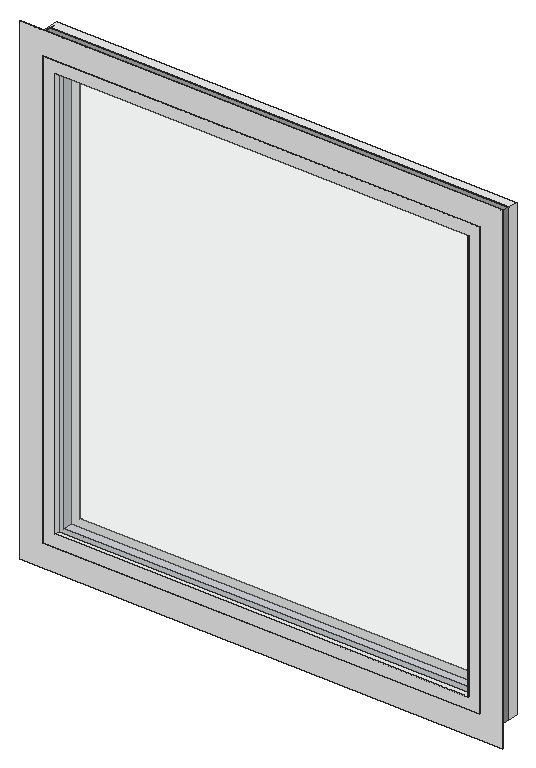
Revit family "Edge_TB42_F_Top_Hung_Standard", category Windows, host Wall, Revit 2014
Parameters (values of type "Casement_Sash_DG")
  Width Sash [instance] = 30 mm
  Width Sash Inner = 15 mm
  Width Bead = 15 mm
  Top Hung [instance] = yes
  Thermal Break Material = Rubber, Black
  Thermal Break Length = 16 mm
  Side Hung Right [instance] = yes
  Side Hung Left [instance] = yes
  Sash Opening Width [instance] = 600 mm
  Sash Opening Height [instance] = 600 mm
  Sash Lip = 15 mm
  Sash Leg [instance] = (Depth Sash - Thermal Break Length) / 2  # 13 mm
  SG Bead Leg = 6.683 mm
  Glazing Material [instance] = Glass
  Glazing Offset = 5 mm
  DG Start Piece 2 [instance] = DG End Piece 1 + DG Gasket Thickness  # 24.158 mm
  DG Start Peice 1 [instance] = ((Depth Sash - (2 * DG Glazing Thickness) - DG Gasket Thickness) / 2) - (SG Bead Leg - Aluminium Thickness) / 2  # 5.758 mm
  DG Glazing Thickness [instance] = 6.4 mm
  DG Gasket Thickness = 12 mm  # constant formula
  DG Gasket Material [instance] = none
  Depth Sash [instance] = 42 mm
  DG End Piece 2 [instance] = DG Start Piece 2 + DG Glazing Thickness  # 30.558 mm
  DG End Piece 1 [instance] = DG Start Peice 1 + DG Glazing Thickness  # 12.158 mm
  Center Vertical Sash [instance] = Sash Opening Height / 2  # 300 mm
  Center Horizontal Sash [instance] = Sash Opening Width / 2  # 300 mm
  Bottom Hung [instance] = yes
  Bead Offset = 15 mm
  Aluminium Thickness = 1 mm
  Aluminium Material [instance] = White Powder Coated Aluminium
Reference planes
  plane 1 "Center (Front/Back)": y = 0
  plane 2: z = 0
  plane 3 "Center (Left/Right)": x = 0
Forms (mm)
  Sweep 1, solid, material "White Powder Coated Aluminium" <- "Aluminium Material"
    path origin (16.177, 0, 121.331) x (1, 0, 0) y (0, 0, 1)
      loop
        line (0, 0) -> (600, 0) -> (600, 600) -> (0, 600) -> (0, 0)
    profile origin (316.177, 0, 121.331) x (0, 0, 1) y (0, -1, 0)
      loop
        line (0, 0) -> (30, 0) -> (30, 1) -> (15, 1) -> (15, 13) -> (14, 13) -> (14, 1) -> (1, 1) -> (1, 13) -> (0, 13) -> (0, 0)
      loop
        line (15, 42) -> (-15, 42) -> (-15, 41) -> (0, 41) -> (0, 29) -> (1, 29) -> (1, 41) -> (14, 41) -> (14, 29) -> (15, 29) -> (15, 42)
  Sweep 2, solid, material "White Powder Coated Aluminium" <- "Aluminium Material"
    path origin (0, 0, 0) x (1, 0, 0) y (0, 0, 1)
      loop
        line (31.177, 706.331) -> (31.177, 136.331) -> (601.177, 136.331) -> (601.177, 706.331) -> (31.177, 706.331)
    profile origin (316.177, 0, 706.331) x (0, 0, 1) y (0, -1, 0)
      loop
        line (0, 41) -> (0, 42) -> (-15, 42) -> (-15, 35.317) -> (-14, 35.317) -> (-14, 41) -> (0, 41)
  Extrusion 3, solid, material "Glass" <- "Glazing Material"
    sketch origin (0, 0, 0) x (1, 0, 0) y (0, 0, 1)
      loop
        line (36.177, 701.331) -> (36.177, 141.331) -> (596.177, 141.331) -> (596.177, 701.331) -> (36.177, 701.331)
    from 5.758 <- "DG Start Peice 1" to 12.158 <- "DG End Piece 1"
  Extrusion 4, solid, material "Glass" <- "Glazing Material"
    sketch origin (0, 0, 0) x (1, 0, 0) y (0, 0, 1)
      loop
        line (36.177, 701.331) -> (36.177, 141.331) -> (596.177, 141.331) -> (596.177, 701.331) -> (36.177, 701.331)
    from 30.558 <- "DG End Piece 2" to 24.158 <- "DG Start Piece 2"
  Sweep 5, solid, material <- "DG Gasket Material"
    path origin (0, -12.158, 0) x (1, 0, 0) y (0, 0, 1)
      loop
        line (36.177, 701.331) -> (36.177, 141.331) -> (596.177, 141.331) -> (596.177, 701.331) -> (36.177, 701.331)
    profile origin (316.177, -12.158, 701.331) x (0, 0, 1) y (0, -1, 0)
      loop
        line (0, 0) -> (0, 12) -> (-7.96, 12) -> (-7.96, 0) -> (0, 0)
  Sweep 6, solid, material "Rubber, Black" <- "Thermal Break Material"
    path origin (16.177, -13, 121.331) x (1, 0, 0) y (0, 0, 1)
      loop
        line (-15, 615) -> (-15, -15) -> (615, -15) -> (615, 615) -> (-15, 615)
    profile origin (316.177, -13, 736.331) x (0, 0, 1) y (0, -1, 0)
      loop
        line (-15, 16) -> (-16, 16) -> (-16, 0) -> (-15, 0) -> (-15, 16)
      loop
        line (-29, 16) -> (-30, 16) -> (-30, 0) -> (-29, 0) -> (-29, 16)
Lines and regions (mm)
  model lines
    curve 1: line (1.177, -42, 736.331) -> (31.177, -42, 706.331)
    curve 2: line (601.177, -42, 706.331) -> (631.177, -42, 736.331)
    curve 3: line (601.177, -42, 136.331) -> (631.177, -42, 106.331)
    curve 4: line (1.177, -42, 106.331) -> (31.177, -42, 136.331)
    curve 5: line (631.177, -41, 736.331) -> (616.177, -41, 721.331)
    curve 6: line (1.177, -41, 736.331) -> (16.177, -41, 721.331)
    curve 7: line (1.177, -41, 106.331) -> (16.177, -41, 121.331)
    curve 8: line (631.177, -41, 106.331) -> (616.177, -41, 121.331)
    curve 9: line (616.177, 0, 121.331) -> (586.177, 0, 151.331)
    curve 10: line (46.177, 0, 151.331) -> (16.177, 0, 121.331)
    curve 11: line (616.177, 0, 721.331) -> (586.177, 0, 691.331)
    curve 12: line (46.177, 0, 691.331) -> (16.177, 0, 721.331)
    curve 13: line (31.177, -42, 691.331) -> (46.177, -42, 691.331)
    curve 14: line (586.177, -42, 691.331) -> (601.177, -42, 691.331)
    curve 15: line (586.177, -42, 151.331) -> (601.177, -42, 151.331)
    curve 16: line (31.177, -42, 151.331) -> (46.177, -42, 151.331)
  model lines, style "GenericModelHiddenLines", visible <- "Top Hung"
    curve 17: line (46.386, -30.558, 690.602) -> (316.177, -30.558, 151.331)
    curve 18: line (316.177, -30.558, 151.331) -> (586.177, -30.558, 691.018)
  model lines, style "GenericModelHiddenLines", visible <- "Bottom Hung"
    curve 19: line (46.177, -30.558, 151.331) -> (316.177, -30.558, 691.018)
    curve 20: line (316.177, -30.558, 691.018) -> (586.177, -30.558, 151.331)
  model lines, style "GenericModelHiddenLines", visible <- "Side Hung Left"
    curve 21: line (46.386, -30.558, 690.602) -> (585.24, -30.558, 421.331)
    curve 22: line (585.24, -30.558, 421.331) -> (46.177, -30.558, 151.331)
  model lines, style "GenericModelHiddenLines", visible <- "Side Hung Right"
    curve 23: line (586.177, -30.558, 691.018) -> (46.177, -30.558, 421.331)
    curve 24: line (46.177, -30.558, 421.331) -> (586.177, -30.558, 151.331)
Dimensions and locks
  "Aluminium Thickness": Sweep 1 sketch curve to Sweep 1 sketch curve  (x6)
  "Depth Sash": Sweep 1 sketch curve to Sweep 1 sketch curve
  "Sash Opening Width": Sweep 1 to Sweep 1
  "Sash Opening Height": Sweep 1 to Sweep 1
  "Width Sash": Sweep 1 sketch curve to Sweep 1 sketch curve  (x2)
  "Width Sash Inner": Sweep 1 sketch curve to Sweep 1 sketch curve
  "Sash Lip": Sweep 1 sketch curve to Sweep 1 sketch curve
  "Glazing Offset": Sweep 2 to Extrusion 3 sketch curve  (x3)
  "Glazing Offset": Extrusion 3 sketch curve to Sweep 2
  Sweep 1 to Sweep 1 = 1 mm
  "Width Bead": Sweep 2 sketch curve to Sweep 2 sketch curve
  locked: Sweep 5 sketch curve to Sweep 5 sketch curve at 7.96
  "Center Horizontal Sash": Sweep 1 to curve 18
  "Center Horizontal Sash": Sweep 1 to curve 20
  "Center Vertical Sash": Sweep 1 to curve 22
  "Center Vertical Sash": Sweep 1 to curve 24
  "Sash Leg": Sweep 1 sketch curve to Sweep 1 sketch curve
  "Aluminium Thickness": Sweep 2 sketch curve to Sweep 2 sketch curve  (x2)
  "SG Bead Leg": Sweep 2 sketch curve to Sweep 2 sketch curve
  aligned and locked: level to plane 2
  aligned and locked: Sweep 1 sketch curve to Sweep 1 sketch curve  (x3)
  aligned and locked: Sweep 2 sketch curve to Sweep 1  (x4)
  aligned and locked: Sweep 1 to Sweep 2 sketch curve  (x2)
  aligned and locked: Extrusion 4 sketch curve to Extrusion 3  (x4)
  aligned and locked: Sweep 5 sketch curve to Extrusion 3  (x5)
  aligned and locked: Extrusion 3 to Sweep 5 sketch curve
  aligned and locked: Sweep 6 sketch curve to Sweep 1  (x10)
  aligned and locked: Sweep 1 to Sweep 6 sketch curve  (x2)
Automatic sketch dimensions
  plane 3 "Center (Left/Right)" to Sweep 1 sketch curve = 16.177 mm
  level to Sweep 1 sketch curve = 121.331 mm
  plane 3 "Center (Left/Right)" to Sweep 1 sketch curve = 616.177 mm
  level to Sweep 1 sketch curve = 721.331 mm
  profile plane to Sweep 5 sketch curve = 12 mm
  curve 7 to Sweep 1 = 0 mm  (x4)
  curve 6 to Sweep 1 = 0 mm  (x3)
  Sweep 1 to curve 6 = 0 mm
  curve 5 to Sweep 1 = 0 mm  (x3)
  curve 8 to Sweep 1 = 0 mm  (x4)
  Sweep 1 to curve 5 = 0 mm
  curve 16 to Sweep 2 = 0 mm  (x3)
  curve 13 to Sweep 2 = 0 mm  (x3)
  curve 15 to Sweep 2 = 0 mm
  Sweep 2 to curve 15 = 0 mm  (x2)
  curve 14 to Sweep 2 = 0 mm  (x2)
  Sweep 2 to curve 14 = 0 mm
  curve 1 to Sweep 1 = 0 mm  (x4)
  curve 4 to Sweep 1 = 0 mm  (x4)
  curve 2 to Sweep 1 = 0 mm  (x4)
  curve 3 to Sweep 1 = 0 mm  (x2)
  Sweep 1 to curve 3 = 0 mm  (x2)
  curve 10 to Sweep 1 = 0 mm  (x4)
  curve 12 to Sweep 1 = 0 mm  (x2)
  Sweep 1 to curve 12 = 0 mm  (x2)
  curve 11 to Sweep 1 = 0 mm  (x4)
  curve 9 to Sweep 1 = 0 mm  (x4)
  profile plane to Sweep 1 sketch curve = 0 mm  (x2)
  Sweep 1 sketch curve to plane 1 "Center (Front/Back)" = 0 mm
  Sweep 1 sketch curve to Sweep 1 sketch curve = 13 mm
  Sweep 1 sketch curve to Sweep 1 sketch curve = 12 mm  (x2)
  curve 21 to Extrusion 4 = 10.208 mm
  curve 19 to Extrusion 4 = 10 mm
  curve 23 to Extrusion 4 = 10 mm  (x2)
  curve 22 to Extrusion 4 = 10.937 mm
  curve 20 to Extrusion 4 = 10 mm
  curve 24 to Extrusion 4 = 10 mm
  curve 22 to Extrusion 4 = 10 mm
  curve 18 to Extrusion 4 = 10 mm
  curve 21 to Extrusion 4 = 10.729 mm
  curve 19 to Extrusion 4 = 10.312 mm
  curve 18 to Extrusion 4 = 10.312 mm
Types in the file's own list only (6): name | Windload Design | Width Sash Right Opening | Width Sash Left Opening | Width Sash Right | Width Sash Left | Width Profile | Width Fixed Panel Right | Width Fixed Panel Left | Width Fixed Panel Center | Width | URL | Offset Window Exterior | Max System DG Unit Thickness | Max System DG One Piece Thickness | Max Pane Area | Intruderprufe U Value | Intruderprufe SHGC Value | Intruderprufe LowE U Value | Intruderprufe LowE SHGC Value | Intruderprufe Insulated U Value | Intruderprufe Insulated SHGC Value | Intruderprufe Insulated LowE U Value | Intruderprufe Insulated LowE SHGC Value | Height Fixed Panel Right | Height Fixed Panel Left | Height | Has Stiffener Cap | Energy Advantage U Value | Energy Advantage SHGC Value | DG Thickness Calc | Custom Window Width | Custom Window Height | Window Exterior Offset | Custom Windload | Custom Sash Right Width | Custom Sash Right Height | Custom Sash Left Width | Custom Sash Left Height | Sash Spacing Inner | Sash Overlap | Sash Center Offset | SG Gasket Thickness | Offset Sash Side | Offset Sash Top | Offset Mullion Right | Offset Fixed Panel Center Left | Offset Mullion Left | Offset Transom Right Top | Offset Transom Left Top | Offset Bead Center Reversed | Model | Manufacturer | Limit Window Width Min | Limit Window Width Max | Limit Window Height Min | Limit Window Height Max | Limit Sash Width Min | Limit Sash Width Max | Limit Sash Height Min | Limit Sash Height Max | Limit Fixed Pane Width Min | Limit Fixed Pane Width Max | Limit Fixed Pane Height Min | Limit Fixed Pane Height Max | Length Transom Right | Length Transom Left | Length Mullion | Height Sash Right Opening | Height Sash Right | Height Sash Left Opening | Height Sash Left | Height Fixed Panel Center | Description | Depth Mullion | Frame Center Offset | Depth Bead | Default Sill Height | Wall Closure | DG Gasket Finish | DG Extrusion Start | Mullion Depth Windload Based | Clearvue U Value | Clearvue SHGC Value | Clearvue Insulated U Value | Clearvue Insulated SHGC Value | Clearvue Insulated LowE U Value | Clearvue Insulated LowE SHGC Value | Casement Dimension | Bottom Hung | Bead SG Gap | Area Pane Right Top | Area Pane Right Bottom | Area Pane Middle | Area Pane Left Top | Area Pane Left Bottom
  EDGE-1809TT-1000Pa | 1000 mm | 554 mm | 554 mm | 524 mm | 524 mm | 30 mm | 540 mm | 540 mm | 590 mm | 1790 mm | "http://www.crealco.co.za/crealco-products.php" | 21 mm | 25 mm | 6 mm | 0.48 m² | 5.92 | 0.567 | 4.58 | 0.51 | 3.47 | 0.503 | 2.95 | 0.455 | 260 mm | 260 mm | 890 mm | No | 4.56 | 0.546 | 4 mm | 1790 mm | 890 mm | 0 mm | 1000 mm | 554 mm | 554 mm | 554 mm | 554 mm | 8 mm | 7 mm | 18 mm | 6 mm | 23 mm | 23 mm | 570 mm | 600 mm | 570 mm | 570 mm | 570 mm | 21 mm | "Edge" | "Crelaco" | 1400 mm | 2700 mm | 830 mm | 1860 mm | 300 mm | 1500 mm | 300 mm | 1200 mm | 200 mm | 1500 mm | 200 mm | 1800 mm | 540 mm | 540 mm | 890 mm | 554 mm | 524 mm | 554 mm | 524 mm | 830 mm | "Thermal break casement windows (42mm), Type F top hung" | 0 mm | 21 mm | 28 mm | 800 mm | By host | Double Glazing Gasket Material | 11 mm | 0 mm | 6.02 | 0.61 | 3.51 | 0.55 | 3 | 0.5 | 42 mm | No | 13 mm | 0.23 m² | 0.13 m² | 0.48 m² | 0.23 m² | 0.13 m²
  EDGE-2409TT-1000Pa | 1000 mm | 554 mm | 554 mm | 524 mm | 524 mm | 30 mm | 540 mm | 540 mm | 1190 mm | 2390 mm | "http://www.crealco.co.za/crealco-products.php" | 21 mm | 25 mm | 6 mm | 0.97 m² | 6.43 | 0.668 | 4.8 | 0.598 | 3.62 | 0.591 | 3 | 0.534 | 260 mm | 260 mm | 890 mm | No | 4.8 | 0.641 | 4 mm | 2390 mm | 890 mm | 0 mm | 1000 mm | 554 mm | 554 mm | 554 mm | 554 mm | 8 mm | 7 mm | 18 mm | 6 mm | 23 mm | 23 mm | 570 mm | 600 mm | 570 mm | 570 mm | 570 mm | 21 mm | "Edge" | "Crelaco" | 1400 mm | 2700 mm | 830 mm | 1860 mm | 300 mm | 1500 mm | 300 mm | 1200 mm | 200 mm | 1500 mm | 200 mm | 1800 mm | 540 mm | 540 mm | 890 mm | 554 mm | 524 mm | 554 mm | 524 mm | 830 mm | "Thermal break casement windows (42mm), Type F top hung" | 0 mm | 21 mm | 28 mm | 800 mm | By host | Double Glazing Gasket Material | 11 mm | 0 mm | 6.55 | 0.717 | 3.67 | 0.644 | 3.05 | 0.586 | 42 mm | No | 13 mm | 0.23 m² | 0.13 m² | 0.97 m² | 0.23 m² | 0.13 m²
  EDGE-1809TT-1500Pa | 1500 mm | 554 mm | 554 mm | 524 mm | 524 mm | 30 mm | 540 mm | 540 mm | 590 mm | 1790 mm | "http://www.crealco.co.za/crealco-products.php" | 21 mm | 25 mm | 6 mm | 0.48 m² | 5.92 | 0.567 | 4.58 | 0.51 | 3.47 | 0.503 | 2.95 | 0.455 | 260 mm | 260 mm | 890 mm | No | 4.56 | 0.546 | 4 mm | 1790 mm | 890 mm | 0 mm | 1500 mm | 554 mm | 554 mm | 554 mm | 554 mm | 8 mm | 7 mm | 18 mm | 6 mm | 23 mm | 23 mm | 570 mm | 600 mm | 570 mm | 570 mm | 570 mm | 21 mm | "Edge" | "Crelaco" | 1400 mm | 2700 mm | 830 mm | 1860 mm | 300 mm | 1500 mm | 300 mm | 1200 mm | 200 mm | 1500 mm | 200 mm | 1800 mm | 540 mm | 540 mm | 890 mm | 554 mm | 524 mm | 554 mm | 524 mm | 830 mm | "Thermal break casement windows (42mm), Type F top hung" | 0 mm | 21 mm | 28 mm | 800 mm | By host | Double Glazing Gasket Material | 11 mm | 0 mm | 6.02 | 0.61 | 3.51 | 0.55 | 3 | 0.5 | 42 mm | No | 13 mm | 0.23 m² | 0.13 m² | 0.48 m² | 0.23 m² | 0.13 m²
  EDGE-1809TT-2000Pa | 2000 mm | 554 mm | 554 mm | 524 mm | 524 mm | 30 mm | 540 mm | 540 mm | 590 mm | 1790 mm | "http://www.crealco.co.za/crealco-products.php" | 21 mm | 25 mm | 6 mm | 0.48 m² | 5.92 | 0.567 | 4.58 | 0.51 | 3.47 | 0.503 | 2.95 | 0.455 | 260 mm | 260 mm | 890 mm | No | 4.56 | 0.546 | 4 mm | 1790 mm | 890 mm | 0 mm | 2000 mm | 554 mm | 554 mm | 554 mm | 554 mm | 8 mm | 7 mm | 18 mm | 6 mm | 23 mm | 23 mm | 570 mm | 600 mm | 570 mm | 570 mm | 570 mm | 21 mm | "Edge" | "Crelaco" | 1400 mm | 2700 mm | 830 mm | 1860 mm | 300 mm | 1500 mm | 300 mm | 1200 mm | 200 mm | 1500 mm | 200 mm | 1800 mm | 540 mm | 540 mm | 890 mm | 554 mm | 524 mm | 554 mm | 524 mm | 830 mm | "Thermal break casement windows (42mm), Type F top hung" | 0 mm | 21 mm | 28 mm | 800 mm | By host | Double Glazing Gasket Material | 11 mm | 0 mm | 6.02 | 0.61 | 3.51 | 0.55 | 3 | 0.5 | 42 mm | No | 13 mm | 0.23 m² | 0.13 m² | 0.48 m² | 0.23 m² | 0.13 m²
  EDGE-2409TT-1500Pa | 1500 mm | 554 mm | 554 mm | 524 mm | 524 mm | 30 mm | 540 mm | 540 mm | 1190 mm | 2390 mm | "http://www.crealco.co.za/crealco-products.php" | 21 mm | 25 mm | 6 mm | 0.97 m² | 6.43 | 0.668 | 4.8 | 0.598 | 3.62 | 0.591 | 3 | 0.534 | 260 mm | 260 mm | 890 mm | No | 4.8 | 0.641 | 4 mm | 2390 mm | 890 mm | 0 mm | 1500 mm | 554 mm | 554 mm | 554 mm | 554 mm | 8 mm | 7 mm | 18 mm | 6 mm | 23 mm | 23 mm | 570 mm | 600 mm | 570 mm | 570 mm | 570 mm | 21 mm | "Edge" | "Crelaco" | 1400 mm | 2700 mm | 830 mm | 1860 mm | 300 mm | 1500 mm | 300 mm | 1200 mm | 200 mm | 1500 mm | 200 mm | 1800 mm | 540 mm | 540 mm | 890 mm | 554 mm | 524 mm | 554 mm | 524 mm | 830 mm | "Thermal break casement windows (42mm), Type F top hung" | 0 mm | 21 mm | 28 mm | 800 mm | By host | Double Glazing Gasket Material | 11 mm | 0 mm | 6.55 | 0.717 | 3.67 | 0.644 | 3.05 | 0.586 | 42 mm | No | 13 mm | 0.23 m² | 0.13 m² | 0.97 m² | 0.23 m² | 0.13 m²
  EDGE-2409TT-2000Pa | 2000 mm | 554 mm | 554 mm | 524 mm | 524 mm | 30 mm | 540 mm | 540 mm | 1190 mm | 2390 mm | "http://www.crealco.co.za/crealco-products.php" | 21 mm | 25 mm | 6 mm | 0.97 m² | 6.43 | 0.668 | 4.8 | 0.598 | 3.62 | 0.591 | 3 | 0.534 | 260 mm | 260 mm | 890 mm | No | 4.8 | 0.641 | 4 mm | 2390 mm | 890 mm | 0 mm | 2000 mm | 554 mm | 554 mm | 554 mm | 554 mm | 8 mm | 7 mm | 18 mm | 6 mm | 23 mm | 23 mm | 570 mm | 600 mm | 570 mm | 570 mm | 570 mm | 21 mm | "Edge" | "Crelaco" | 1400 mm | 2700 mm | 830 mm | 1860 mm | 300 mm | 1500 mm | 300 mm | 1200 mm | 200 mm | 1500 mm | 200 mm | 1800 mm | 540 mm | 540 mm | 890 mm | 554 mm | 524 mm | 554 mm | 524 mm | 830 mm | "Thermal break casement windows (42mm), Type F top hung" | 0 mm | 21 mm | 28 mm | 800 mm | By host | Double Glazing Gasket Material | 11 mm | 0 mm | 6.55 | 0.717 | 3.67 | 0.644 | 3.05 | 0.586 | 42 mm | No | 13 mm | 0.23 m² | 0.13 m² | 0.97 m² | 0.23 m² | 0.13 m²
